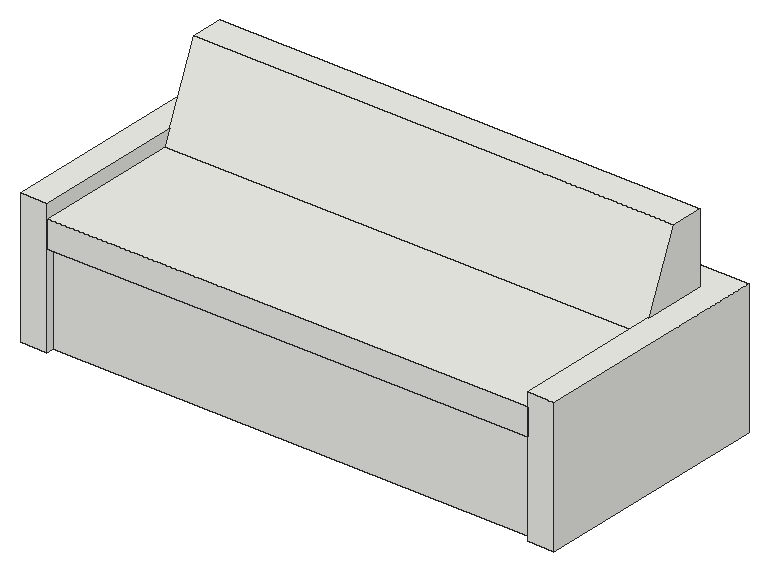
Revit family
Parameters (values of type "3 lugares")
  width = 2000 mm
  seat material = Sofa seat
  seat height = 450 mm
  height = 760 mm
  depth = 910 mm
  arm height = 500 mm
  arm depth = 100 mm
  arm material = Sofa arm
  Total Seat Room = width - 2 * arm depth  # 1800 mm
  Seat Width = Total Seat Room / Seat Count  # 600 mm
  Seat Count = if(Total Seat Room < 1601 mm, 2, if(Total Seat Room < 2401 mm, 3, if(Total Seat Room < 3201 mm, 4, 5)))  # 3
  Is Mark Visible = Total Seat Room > 1000 mm  # yes
  Assembly Code = ""
Reference planes
  plane 1 "back": y = 0
  plane 2: z = 0
  plane 3 "Center": x = 76.2
  plane 4 "Left": x = -923.8
  plane 5 "right": x = 1076.2
  plane 6 "front": y = -910
  plane 7: x = -823.8
  plane 8: x = 976.2
  plane 9: y = -100
  plane 10: z = 760
  plane 11 "arm height": z = 500
  plane 12 "seat height": z = 450
Forms (mm)
  Extrusion 1, solid, material "Sofa seat" <- "seat material"
    sketch origin (-923.8, 0, 11.371) x (0, 1, 0) y (0, 0, 1)
      loop
        line (-222.421, 748.629) -> (-359.426, 438.629) -> (-910, 438.629) -> (-910, 337.029) -> (-884.6, 337.029) -> (-884.6, -11.371) -> (-100, -11.371) -> (-100, 748.629) -> (-222.421, 748.629)
    from 100 to 1900
  Extrusion 2, solid, material "Sofa arm" <- "arm material"
    sketch origin (12.7, 0, 0) x (1, 0, 0) y (0, 1, 0)
      loop
        line (-936.5, 0) -> (-936.5, -910) -> (-836.5, -910) -> (-836.5, -100) -> (963.5, -100) -> (963.5, -910) -> (1063.5, -910) -> (1063.5, 0) -> (-936.5, 0)
    from 0 to 500
Lines and regions (mm)
  symbolic lines, style "InvisibleLines"
    curve 1: line (-127, 0, 0) -> (279.4, 0, 0)
    curve 2: line (76.2, -176.2, 0) -> (76.2, 228.6, 0)
  model lines, visible <- "Is Mark Visible"
    curve 3: line (-823.8, -359.426, 450) -> (-823.8, -884.6, 450)
    curve 4: line (-223.8, -359.426, 450) -> (-223.8, -884.6, 450)
    curve 5: line (376.2, -359.426, 450) -> (376.2, -884.6, 450)
Dimensions and locks
  equal spacing: plane 4 "Left", plane 3 "Center", plane 5 "right"
  "width": plane 4 "Left" to plane 5 "right"
  "depth": plane 6 "front" to plane 1 "back"
  "arm depth": plane 4 "Left" to plane 7
  "arm depth": plane 9 to plane 1 "back"
  "arm depth": plane 8 to plane 5 "right"
  "height": plane 10 to level
  "arm height": plane 11 "arm height" to level
  locked: Extrusion 1 to plane 6 "front" at 25.4
  "seat height": plane 12 "seat height" to level
  locked: Extrusion 1 to plane 12 "seat height" at 101.6
  equal spacing: group 1, group 2, group 3  (x3)
  "Seat Width": curve 3 to curve 4
  aligned and locked: Extrusion 1 sketch curve to plane 6 "front"
  aligned and locked: plane 6 "front" to Extrusion 2 sketch curve  (x2)
  aligned and locked: plane 8 to Extrusion 1
  aligned and locked: Extrusion 1 to plane 7
  aligned and locked: Extrusion 2 to plane 4 "Left"
  aligned and locked: plane 7 to Extrusion 2
  aligned and locked: plane 9 to Extrusion 2
  aligned and locked: Extrusion 2 to plane 1 "back"
  aligned and locked: Extrusion 2 to plane 8
  aligned and locked: plane 5 "right" to Extrusion 2
  aligned and locked: plane 11 "arm height" to Extrusion 2
  aligned and locked: plane 12 "seat height" to Extrusion 1
  aligned and locked: Extrusion 1 to plane 9
  aligned and locked: Extrusion 1 to level
  aligned and locked: curve 3 to plane 7
Automatic sketch dimensions
  curve 1 to plane 1 "back" = 0 mm
  curve 2 to plane 3 "Center" = 0 mm
  curve 1 to plane 3 "Center" = 203.2 mm
  plane 3 "Center" to curve 1 = 203.2 mm
  plane 9 to curve 2 = 76.2 mm
  curve 2 to plane 1 "back" = 228.6 mm
  plane 7 to Extrusion 2 sketch curve = 0 mm
  Extrusion 2 sketch curve to plane 4 "Left" = 0 mm
  Extrusion 2 sketch curve to plane 8 = 0 mm
  plane 5 "right" to Extrusion 2 sketch curve = 0 mm
  Extrusion 2 sketch curve to plane 1 "back" = 0 mm
  plane 9 to Extrusion 2 sketch curve = 0 mm
  level to Extrusion 1 sketch curve = 0 mm
  plane 9 to Extrusion 1 sketch curve = 0 mm
  Extrusion 1 sketch curve to plane 6 "front" = 25.4 mm
  Extrusion 1 sketch curve to plane 11 "arm height" = 50 mm
  Extrusion 1 sketch curve to Extrusion 1 sketch curve = 101.6 mm
  plane 10 to Extrusion 1 sketch curve = 0 mm
  plane 9 to Extrusion 1 sketch curve = 259.426 mm
  plane 9 to Extrusion 1 sketch curve = 122.421 mm
